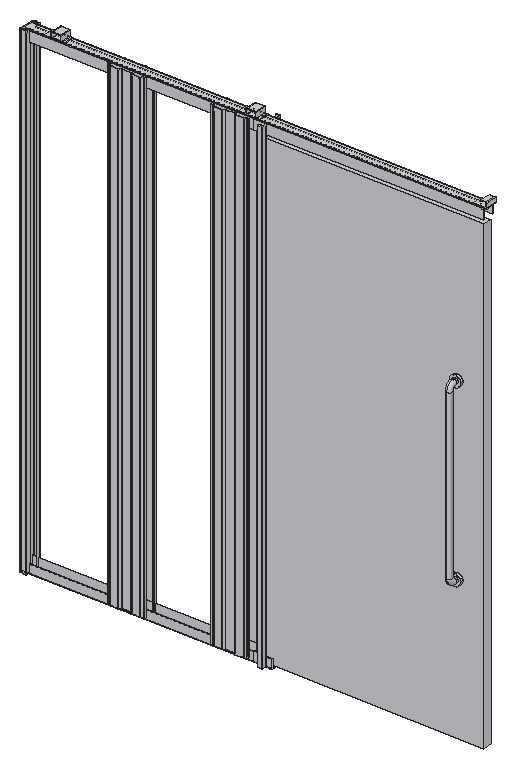
Revit family "BOS-LineaSet_Familie", category Türen, Revit 2017
Family settings
  Basisbauteil = Wand
  Immer vertikal = Ja
  Beim Laden mit Abzugskörper schneiden = Nein
  Gemeinsam genutzt = Nein
  Raumberechnungspunkt = Ja
Parameters (values of type "LineaSet mit ALU 80 BOS Holz")
  Theoretisches Rohbaumaß Höhe   Theoretical Wall Opening Height Measurement [instance] = AMH Außenmaß_Höhe   Overall Height Measurement  # 2215 mm
  Theoretisches Rohbaumaß Breite   Theoretical Wall Opening Width Measurement [instance] = AMB Außenmaß_Breite   Overall Width Measurement  # 2084.5 mm
  Stoßgriffdurchmesser [instance] = 24 mm  # constant formula
  Türblatteinstand vorne = 9 mm  # constant formula
  Türblatteinstand hinten = 40 mm  # constant formula
  Türblatt geöffnet in ...% LDB [instance] = ((LDB effektiv Lichte Durchgangs Breite effektiv * Türblatt geöffnet in ...% LDB effektiv) * 100 mm / 100 mm) / LDB Lichte Durchgangs Breite  # 0
  Türblatt geöffnet in ...% LDB effektiv  Doorleaf opened in ...% Real Clearance Width [instance] = 0
  Türgriffabstand   Door handle offset [instance] = 120 mm
  Türgriff - Auswahl [instance] = if(Stoßgriffe, "Stoßgriffe", "Muschelgriffe")  # "Stoßgriffe"
  Türgriffabstand min. [instance] = 99 mm  # constant formula
  Türgriffabstand max. [instance] = 150 mm  # constant formula
  Türblatt geöffnet in ...% LDB effektiv [instance] = if(Türblatt geöffnet in ...% LDB effektiv  Doorleaf opened in ...% Real Clearance Width < 0, 0, if(Türblatt geöffnet in ...% LDB effektiv  Doorleaf opened in ...% Real Clearance Width > 100, 100, Türblatt geöffnet in ...% LDB effektiv  Doorleaf opened in ...% Real Clearance Width))  # 0
  TRB rechts [instance] = (LDB Lichte Durchgangs Breite / 2) + Einfügepunkt  # 493 mm
  TRB links [instance] = Theoretisches Rohbaumaß Breite   Theoretical Wall Opening Width Measurement - (LDB Lichte Durchgangs Breite / 2) - Einfügepunkt  # 1591.5 mm
  Material - Bürstendichtung = none
  Material - Anschraubprofil = none
  Laufkastenabstand rechts [instance] = 12.5 mm  # constant formula
  Laufkastenabstand links [instance] = 1.5 mm  # constant formula
  LDH effektiv Lichte Durchgangs Höhe effektiv [instance] = if(Auswahl LDH effektiv Lichte Durchgangs Höhe effektiv   Real Clearance Height Choice < 2, 1985 mm, 2110 mm)  # 2110 mm
  LDH Lichte Durchgangs Höhe [instance] = LDH effektiv Lichte Durchgangs Höhe effektiv + 30 mm  # 2140 mm
  LDB effektiv Lichte Durchgangs Breite effektiv [instance] = LDB Lichte Durchgangs Breite - if(Stoßgriffe, [Türblatteinstand (Griff)], 0 mm)  # 754 mm
  LDB Lichte Durchgangs Breite [instance] = if(Auswahl LDB Lichte Durchgangs Breite   Clearance Width Choice < 2, 561 mm, if(Auswahl LDB Lichte Durchgangs Breite   Clearance Width Choice = 2, 686 mm, if(Auswahl LDB Lichte Durchgangs Breite   Clearance Width Choice = 3, 811 mm, if(Auswahl LDB Lichte Durchgangs Breite   Clearance Width Choice = 4, 936 mm, 1061 mm))))  # 936 mm
  Klemmschutzabstand [instance] = 50 mm  # constant formula
  Material - Türblatt = none
  Einlaufkastenprofil 2 [instance] = 5 mm + if(LDB Lichte Durchgangs Breite < 686 mm, 182.9 mm, if(LDB Lichte Durchgangs Breite < 811 mm, 566.5 mm, if(LDB Lichte Durchgangs Breite < 936 mm, 616.5 mm, if(LDB Lichte Durchgangs Breite < 1061 mm, 648.5 mm, 738.5 mm))))  # 653.5 mm
  Einlaufkastenprofil 1 = 5 mm + 182.9 mm  # 187.9 mm
  Einfügepunkt = 25 mm  # constant formula
  DIN Richtung [instance] = "DIN neutral"  # constant formula
  Bürstendichtungslänge [instance] = LDH Lichte Durchgangs Höhe - 2 mm  # 2138 mm
  Bürstendichtung = Glastürblatt  # no
  Beplankungsstärke [instance] = (MW Maulweite   Receiving Opening - 75 mm) / 2  # 37.5 mm
  Anschraubprofil sichtbar [instance] = no
  ALU 100 BOS = or(LineaSet mit ALU 100 BOS Holz, LineaSet mit ALU 100 BOS Glas)  # no
  ALU 80 BOS = or(LineaSet mit ALU 80 BOS Holz, LineaSet mit ALU 80 BOS Glas)  # yes
  Zargenblechstärke = 1.5 mm  # constant formula
  Türblatteinstand (Griff) [instance] = if(Muschelgriffe, 0 mm, Türgriffabstand + Klemmschutzabstand + Stoßgriffdurchmesser / 2)  # 182 mm
  Türgriffabstand [instance] = if(Türgriffabstand   Door handle offset < Türgriffabstand min., Türgriffabstand min., if(Türgriffabstand   Door handle offset > Türgriffabstand max., Türgriffabstand max., Türgriffabstand   Door handle offset))  # 120 mm
  Türblattreferenz [instance] = LDB Lichte Durchgangs Breite + Türblatteinstand vorne - (Türblatt geöffnet in ...% LDB effektiv  Doorleaf opened in ...% Real Clearance Width * (LDB effektiv Lichte Durchgangs Breite effektiv + Türblatteinstand vorne) / 100)  # 945 mm
  Türblattabstand unten [instance] = 10 mm  # constant formula
  TAH Türblatt_Außenmaß_Höhe   Door Leaf Overall Height Measurement [instance] = LDH effektiv Lichte Durchgangs Höhe effektiv  # 2110 mm
  TAH Türblatt Außenmaß Höhe [instance] = TAH Türblatt_Außenmaß_Höhe   Door Leaf Overall Height Measurement  # 2110 mm
  TAB Türblatt_Außenmaß_Breite   Door Leaf Overall Width Measurement [instance] = LDB Lichte Durchgangs Breite + 49 mm  # 985 mm
  TAB Türblatt Außenmaß Breite [instance] = TAB Türblatt_Außenmaß_Breite   Door Leaf Overall Width Measurement  # 985 mm
  LineaSet mit ALU 80 BOS Holz = yes
  Stoßgrifflänge [instance] = 800 mm  # constant formula
  Stoßgriffe [instance] = yes
  LineaSet mit ALU 80 BOS Glas = no
  LineaSet mit ALU 100 BOS Holz = no
  Wandstärke   Wall Thickness [instance] = 150 mm
  Muschelgriffe [instance] = not(Stoßgriffe)  # no
  Material - Türgriff = none
  Material - Laufschiene = none
  Material - Führungszapfen = none
  Holztürblattstärke = 40 mm  # constant formula
  Holztürblatt = or(LineaSet mit ALU 80 BOS Holz, LineaSet mit ALU 100 BOS Holz)  # yes
  Glastürblattstärke = 8 mm  # constant formula
  Glastürblatt = or(LineaSet mit ALU 80 BOS Glas, LineaSet mit ALU 100 BOS Glas)  # no
  URL = "www.BestOfSteel.de/stahlzargen/zargen-fuer-schiebetueren/lineaset/"
  Türblattstärke [instance] = if(Holztürblatt, Holztürblattstärke, Glastürblattstärke)  # 40 mm
  Rough Height = 0 mm  # constant formula
  Rough Width = 0 mm  # constant formula
  Rechtliche Hinweise [instance] = "www.BestOfSteel.de/tools-downloads/bim-building-information-modeling/"
  LineaSet mit ALU 100 BOS Glas = no
  Modell = "LineaSet mit ALU 80 BOS Holz"
  Material - Zarge = none
  Material = "grundiert, feuerverzinktes Feinblech nach DIN EN 10143"
  MW min. = 125 mm  # constant formula
  MW max. = 150 mm  # constant formula
  MW Maulweite   Receiving Opening [instance] = if(Wandstärke   Wall Thickness < MW max., MW min., MW max.)  # 150 mm
  Information in English = no
  Info-Texte sichtbar = yes
  Height [instance] = Theoretisches Rohbaumaß Höhe   Theoretical Wall Opening Height Measurement  # 2215 mm
  Hersteller = "BOS GmbH Best Of Steel, Lütkenfelde 4, D-48282 Emsdetten"
  MW Fehler [instance] = not(or(Wandstärke   Wall Thickness = MW min., Wandstärke   Wall Thickness = MW max.))  # no
  Funktion = Innen
  Dicke = 0 mm  # constant formula
  Width = 0 mm  # constant formula
  Beschreibung = "Schiebetürzarge LineaSet, zerlegt, rahmenlos für in der Wand laufende Schiebetüren"
  Bauelement = "BOS Stahlzarge"
  BOS-Architekten-Beratung = "Tel.: +49 (0) 2572 203-203; E-Mail: architekten@BestOfSteel.de"
  BE Bodeneinstand   Foundation Bedding [instance] = 0 mm  # constant formula
  BE Bodeneinstand [instance] = if(BE Bodeneinstand   Foundation Bedding < 0 mm, 0 mm, if(BE Bodeneinstand   Foundation Bedding > BE max., BE max., BE Bodeneinstand   Foundation Bedding))  # 0 mm
  BE max. = 100 mm  # constant formula
  Auswahl LDH effektiv Lichte Durchgangs Höhe effektiv   Real Clearance Height Choice [instance] = 2
  Auswahl LDB Lichte Durchgangs Breite   Clearance Width Choice [instance] = 4
  Technische Infos rund um die Stahlzarge = "www.BestOfSteel.de/tools-downloads/technische-infos-rund-um-die-stahlzarge/"
  AMH Außenmaß_Höhe   Overall Height Measurement [instance] = LDH effektiv Lichte Durchgangs Höhe effektiv + 105 mm  # 2215 mm
  AMB Außenmaß_Breite   Overall Width Measurement [instance] = (2 * LDB Lichte Durchgangs Breite) + 212.5 mm  # 2084.5 mm
Reference planes
  plane 1 "Wand": y = 0
  plane 2 "Mitte (Links/rechts)": x = 125
  plane 3 "Hinten": y = 75
  plane 4 "Vorne": y = -75
  plane 5 "RRB links": x = -1466.5
  plane 6 "TRB rechts": x = 618
  plane 7 "TRH oben": z = 2215
  plane 8 "BE": z = 0
  plane 9 "LDH effektiv oben": z = 2110
  plane 10 "BE max.": z = -100
  plane 11 "LDB links": x = -343
  plane 12 "LDB rechts": x = 593
  plane 13 "Einlaufkastenprofil 1": x = -530.9
  plane 14 "Einlaufkastenprofil 2": x = -996.5
  plane 15 "LDH + 47": z = 2187
  plane 16 "LDH oben": z = 2140
Forms (mm)
  Sweep 1, solid, material <- "Material - Zarge", detail levels fine
    path origin (0, 0, 0) x (1, 0, 0) y (0, 0, 1)
      loop
        line (-1466.5, 0) -> (-1466.5, 2187)
    profile "BOS-Ständerprofil-LineaSet-(One)_Profil : BOS-Ständerprofil-LineaSet-(One)_Profil" origin (-1466.5, 0, 1093.5) x (-1, 0, 0) y (0, -1, 0)
      loop
        line (-30, 22) -> (-28.5, 22) -> (-28.5, 35)
        arc (-28.5, 35) -> (-28.207, 35.707) -> (-27.5, 36) r 1
        line (-27.5, 36) -> (-2.5, 36)
        arc (-2.5, 36) -> (-1.793, 35.707) -> (-1.5, 35) r 1
        line (-1.5, 35) -> (-1.5, -35)
        arc (-1.5, -35) -> (-1.793, -35.707) -> (-2.5, -36) r 1
        line (-2.5, -36) -> (-27.5, -36)
        arc (-27.5, -36) -> (-28.207, -35.707) -> (-28.5, -35) r 1
        line (-28.5, -35) -> (-28.5, -22) -> (-30, -22) -> (-30, -35)
        arc (-30, -35) -> (-29.268, -36.768) -> (-27.5, -37.5) r 2.5
        line (-27.5, -37.5) -> (-2.5, -37.5)
        arc (-2.5, -37.5) -> (-0.732, -36.768) -> (0, -35) r 2.5
        line (0, -35) -> (0, 35)
        arc (0, 35) -> (-0.732, 36.768) -> (-2.5, 37.5) r 2.5
        line (-2.5, 37.5) -> (-27.5, 37.5)
        arc (-27.5, 37.5) -> (-29.268, 36.768) -> (-30, 35) r 2.5
        line (-30, 35) -> (-30, 22)
  Sweep 2, solid, material <- "Material - Zarge", detail levels fine
    path origin (0, 0, 0) x (1, 0, 0) y (0, 0, 1)
      loop
        line (-343, 2) -> (-343, 2184)
    profile "BOS-Seitenteil-LineaSet-(One)_Profil : BOS-Seitenteil-LineaSet-(One)_Profil" origin (-343, 0, 1093) x (-1, 0, 0) y (0, -1, 0)
      loop
        line (27.5, -50) -> (45, -50) -> (45, -48.5) -> (27.5, -48.5)
        arc (27.5, -48.5) -> (26.793, -48.207) -> (26.5, -47.5) r 1
        line (26.5, -47.5) -> (26.5, -29.5)
        arc (26.5, -29.5) -> (26.793, -28.793) -> (27.5, -28.5) r 1
        line (27.5, -28.5) -> (81.5, -28.5) -> (81.5, -27) -> (27.5, -27)
        arc (27.5, -27) -> (25.732, -27.732) -> (25, -29.5) r 2.5
        line (25, -29.5) -> (25, -47.5)
        arc (25, -47.5) -> (25.732, -49.268) -> (27.5, -50) r 2.5
      loop
        arc (27.5, 50) -> (25.732, 49.268) -> (25, 47.5) r 2.5
        line (25, 47.5) -> (25, 29.5)
        arc (25, 29.5) -> (25.732, 27.732) -> (27.5, 27) r 2.5
        line (27.5, 27) -> (81.5, 27) -> (81.5, 28.5) -> (27.5, 28.5)
        arc (27.5, 28.5) -> (26.793, 28.793) -> (26.5, 29.5) r 1
        line (26.5, 29.5) -> (26.5, 47.5)
        arc (26.5, 47.5) -> (26.793, 48.207) -> (27.5, 48.5) r 1
        line (27.5, 48.5) -> (45, 48.5) -> (45, 50) -> (27.5, 50)
  Sweep 3, void
    path origin (0, 0, 0) x (1, 0, 0) y (0, 0, 1)
      loop
        line (-343, 46) -> (-343, 2140)
    profile origin (-343, 0, 1093) x (-1, 0, 0) y (0, -1, 0)
      loop
        line (81.5, -28.5) -> (81.5, 28.5) -> (35, 28.5) -> (35, -28.5) -> (81.5, -28.5)
  Sweep 4, solid, material <- "Material - Zarge", detail levels fine
    path origin (0, 0, 0) x (1, 0, 0) y (0, 0, 1)
      loop
        line (-530.9, 8) -> (-530.9, 2178)
    profile "BOS-Einlaufkastenprofil-LineaSet-(One)_Profil : BOS-Einlaufkastenprofil-LineaSet-(One)_Profil" origin (-530.9, 0, 1093) x (-1, 0, 0) y (0, -1, 0)
      loop
        arc (-67.482, -36) -> (-68.732, -35.665) -> (-69.648, -34.75) r 2.5
        line (-69.648, -34.75) -> (-72.967, -29)
        arc (-72.967, -29) -> (-74.431, -27.536) -> (-76.431, -27) r 4
        line (-76.431, -27) -> (-85, -27) -> (-85, -28.5) -> (-76.431, -28.5)
        arc (-76.431, -28.5) -> (-75.181, -28.835) -> (-74.266, -29.75) r 2.5
        line (-74.266, -29.75) -> (-70.947, -35.5)
        arc (-70.947, -35.5) -> (-69.482, -36.964) -> (-67.482, -37.5) r 4
        line (-67.482, -37.5) -> (-30.518, -37.5)
        arc (-30.518, -37.5) -> (-28.518, -36.964) -> (-27.053, -35.5) r 4
        line (-27.053, -35.5) -> (-23.734, -29.75)
        arc (-23.734, -29.75) -> (-22.819, -28.835) -> (-21.569, -28.5) r 2.5
        line (-21.569, -28.5) -> (21.569, -28.5)
        arc (21.569, -28.5) -> (22.819, -28.835) -> (23.734, -29.75) r 2.5
        line (23.734, -29.75) -> (27.053, -35.5)
        arc (27.053, -35.5) -> (28.518, -36.964) -> (30.518, -37.5) r 4
        line (30.518, -37.5) -> (67.482, -37.5)
        arc (67.482, -37.5) -> (69.482, -36.964) -> (70.947, -35.5) r 4
        line (70.947, -35.5) -> (74.266, -29.75)
        arc (74.266, -29.75) -> (75.181, -28.835) -> (76.431, -28.5) r 2.5
        line (76.431, -28.5) -> (85, -28.5) -> (85, -27) -> (76.431, -27)
        arc (76.431, -27) -> (74.431, -27.536) -> (72.967, -29) r 4
        line (72.967, -29) -> (69.648, -34.75)
        arc (69.648, -34.75) -> (68.732, -35.665) -> (67.482, -36) r 2.5
        line (67.482, -36) -> (30.518, -36)
        arc (30.518, -36) -> (29.268, -35.665) -> (28.352, -34.75) r 2.5
        line (28.352, -34.75) -> (25.033, -29)
        arc (25.033, -29) -> (23.569, -27.536) -> (21.569, -27) r 4
        line (21.569, -27) -> (-21.569, -27)
        arc (-21.569, -27) -> (-23.569, -27.536) -> (-25.033, -29) r 4
        line (-25.033, -29) -> (-28.352, -34.75)
        arc (-28.352, -34.75) -> (-29.268, -35.665) -> (-30.518, -36) r 2.5
        line (-30.518, -36) -> (-67.482, -36)
      loop
        line (-67.482, 36) -> (-30.518, 36)
        arc (-30.518, 36) -> (-29.268, 35.665) -> (-28.352, 34.75) r 2.5
        line (-28.352, 34.75) -> (-25.033, 29)
        arc (-25.033, 29) -> (-23.569, 27.536) -> (-21.569, 27) r 4
        line (-21.569, 27) -> (21.569, 27)
        arc (21.569, 27) -> (23.569, 27.536) -> (25.033, 29) r 4
        line (25.033, 29) -> (28.352, 34.75)
        arc (28.352, 34.75) -> (29.268, 35.665) -> (30.518, 36) r 2.5
        line (30.518, 36) -> (67.482, 36)
        arc (67.482, 36) -> (68.732, 35.665) -> (69.648, 34.75) r 2.5
        line (69.648, 34.75) -> (72.967, 29)
        arc (72.967, 29) -> (74.431, 27.536) -> (76.431, 27) r 4
        line (76.431, 27) -> (85, 27) -> (85, 28.5) -> (76.431, 28.5)
        arc (76.431, 28.5) -> (75.181, 28.835) -> (74.266, 29.75) r 2.5
        line (74.266, 29.75) -> (70.947, 35.5)
        arc (70.947, 35.5) -> (69.482, 36.964) -> (67.482, 37.5) r 4
        line (67.482, 37.5) -> (30.518, 37.5)
        arc (30.518, 37.5) -> (28.518, 36.964) -> (27.053, 35.5) r 4
        line (27.053, 35.5) -> (23.734, 29.75)
        arc (23.734, 29.75) -> (22.819, 28.835) -> (21.569, 28.5) r 2.5
        line (21.569, 28.5) -> (-21.569, 28.5)
        arc (-21.569, 28.5) -> (-22.819, 28.835) -> (-23.734, 29.75) r 2.5
        line (-23.734, 29.75) -> (-27.053, 35.5)
        arc (-27.053, 35.5) -> (-28.518, 36.964) -> (-30.518, 37.5) r 4
        line (-30.518, 37.5) -> (-67.482, 37.5)
        arc (-67.482, 37.5) -> (-69.482, 36.964) -> (-70.947, 35.5) r 4
        line (-70.947, 35.5) -> (-74.266, 29.75)
        arc (-74.266, 29.75) -> (-75.181, 28.835) -> (-76.431, 28.5) r 2.5
        line (-76.431, 28.5) -> (-85, 28.5) -> (-85, 27) -> (-76.431, 27)
        arc (-76.431, 27) -> (-74.431, 27.536) -> (-72.967, 29) r 4
        line (-72.967, 29) -> (-69.648, 34.75)
        arc (-69.648, 34.75) -> (-68.732, 35.665) -> (-67.482, 36) r 2.5
  Sweep 5, solid, material <- "Material - Zarge", detail levels fine
    path origin (0, 0, 0) x (1, 0, 0) y (0, 0, 1)
      loop
        line (-996.5, 8) -> (-996.5, 2178)
    profile "BOS-Einlaufkastenprofil-LineaSet-(One)_Profil : BOS-Einlaufkastenprofil-LineaSet-(One)_Profil" origin (-996.5, 0, 1093) x (-1, 0, 0) y (0, -1, 0)
      loop
        arc (-67.482, -36) -> (-68.732, -35.665) -> (-69.648, -34.75) r 2.5
        line (-69.648, -34.75) -> (-72.967, -29)
        arc (-72.967, -29) -> (-74.431, -27.536) -> (-76.431, -27) r 4
        line (-76.431, -27) -> (-85, -27) -> (-85, -28.5) -> (-76.431, -28.5)
        arc (-76.431, -28.5) -> (-75.181, -28.835) -> (-74.266, -29.75) r 2.5
        line (-74.266, -29.75) -> (-70.947, -35.5)
        arc (-70.947, -35.5) -> (-69.482, -36.964) -> (-67.482, -37.5) r 4
        line (-67.482, -37.5) -> (-30.518, -37.5)
        arc (-30.518, -37.5) -> (-28.518, -36.964) -> (-27.053, -35.5) r 4
        line (-27.053, -35.5) -> (-23.734, -29.75)
        arc (-23.734, -29.75) -> (-22.819, -28.835) -> (-21.569, -28.5) r 2.5
        line (-21.569, -28.5) -> (21.569, -28.5)
        arc (21.569, -28.5) -> (22.819, -28.835) -> (23.734, -29.75) r 2.5
        line (23.734, -29.75) -> (27.053, -35.5)
        arc (27.053, -35.5) -> (28.518, -36.964) -> (30.518, -37.5) r 4
        line (30.518, -37.5) -> (67.482, -37.5)
        arc (67.482, -37.5) -> (69.482, -36.964) -> (70.947, -35.5) r 4
        line (70.947, -35.5) -> (74.266, -29.75)
        arc (74.266, -29.75) -> (75.181, -28.835) -> (76.431, -28.5) r 2.5
        line (76.431, -28.5) -> (85, -28.5) -> (85, -27) -> (76.431, -27)
        arc (76.431, -27) -> (74.431, -27.536) -> (72.967, -29) r 4
        line (72.967, -29) -> (69.648, -34.75)
        arc (69.648, -34.75) -> (68.732, -35.665) -> (67.482, -36) r 2.5
        line (67.482, -36) -> (30.518, -36)
        arc (30.518, -36) -> (29.268, -35.665) -> (28.352, -34.75) r 2.5
        line (28.352, -34.75) -> (25.033, -29)
        arc (25.033, -29) -> (23.569, -27.536) -> (21.569, -27) r 4
        line (21.569, -27) -> (-21.569, -27)
        arc (-21.569, -27) -> (-23.569, -27.536) -> (-25.033, -29) r 4
        line (-25.033, -29) -> (-28.352, -34.75)
        arc (-28.352, -34.75) -> (-29.268, -35.665) -> (-30.518, -36) r 2.5
        line (-30.518, -36) -> (-67.482, -36)
      loop
        line (-67.482, 36) -> (-30.518, 36)
        arc (-30.518, 36) -> (-29.268, 35.665) -> (-28.352, 34.75) r 2.5
        line (-28.352, 34.75) -> (-25.033, 29)
        arc (-25.033, 29) -> (-23.569, 27.536) -> (-21.569, 27) r 4
        line (-21.569, 27) -> (21.569, 27)
        arc (21.569, 27) -> (23.569, 27.536) -> (25.033, 29) r 4
        line (25.033, 29) -> (28.352, 34.75)
        arc (28.352, 34.75) -> (29.268, 35.665) -> (30.518, 36) r 2.5
        line (30.518, 36) -> (67.482, 36)
        arc (67.482, 36) -> (68.732, 35.665) -> (69.648, 34.75) r 2.5
        line (69.648, 34.75) -> (72.967, 29)
        arc (72.967, 29) -> (74.431, 27.536) -> (76.431, 27) r 4
        line (76.431, 27) -> (85, 27) -> (85, 28.5) -> (76.431, 28.5)
        arc (76.431, 28.5) -> (75.181, 28.835) -> (74.266, 29.75) r 2.5
        line (74.266, 29.75) -> (70.947, 35.5)
        arc (70.947, 35.5) -> (69.482, 36.964) -> (67.482, 37.5) r 4
        line (67.482, 37.5) -> (30.518, 37.5)
        arc (30.518, 37.5) -> (28.518, 36.964) -> (27.053, 35.5) r 4
        line (27.053, 35.5) -> (23.734, 29.75)
        arc (23.734, 29.75) -> (22.819, 28.835) -> (21.569, 28.5) r 2.5
        line (21.569, 28.5) -> (-21.569, 28.5)
        arc (-21.569, 28.5) -> (-22.819, 28.835) -> (-23.734, 29.75) r 2.5
        line (-23.734, 29.75) -> (-27.053, 35.5)
        arc (-27.053, 35.5) -> (-28.518, 36.964) -> (-30.518, 37.5) r 4
        line (-30.518, 37.5) -> (-67.482, 37.5)
        arc (-67.482, 37.5) -> (-69.482, 36.964) -> (-70.947, 35.5) r 4
        line (-70.947, 35.5) -> (-74.266, 29.75)
        arc (-74.266, 29.75) -> (-75.181, 28.835) -> (-76.431, 28.5) r 2.5
        line (-76.431, 28.5) -> (-85, 28.5) -> (-85, 27) -> (-76.431, 27)
        arc (-76.431, 27) -> (-74.431, 27.536) -> (-72.967, 29) r 4
        line (-72.967, 29) -> (-69.648, 34.75)
        arc (-69.648, 34.75) -> (-68.732, 35.665) -> (-67.482, 36) r 2.5
  Sweep 6, void
    path origin (0, 0, 0) x (1, 0, 0) y (0, 0, 1)
      loop
        line (125, 0) -> (125, 2110)
    profile "BOS-AK-LineaSet-(One)_Profil : BOS-AK-LineaSet-(One)_Profil" origin (125, 0, 1055) x (-1, 0, 0) y (0, -1, 0)
      loop
        line (1591.5, -37.5) -> (1591.5, 37.5) -> (513, 37.5) -> (513, 50) -> (493, 50) -> (493, 27) -> (468, 27) -> (468, 75) -> (-468, 75) -> (-468, 27) -> (-480.5, 27) -> (-480.5, -27) -> (-468, -27) -> (-468, -75) -> (468, -75) -> (468, -27) -> (493, -27) -> (493, -50) -> (513, -50) -> (513, -37.5) -> (1591.5, -37.5)
  Sweep 7, void
    path origin (0, 0, 2110) x (-1, 0, 0) y (0, -1, 0)
      loop
        line (1466.5, 0) -> (-618, 0)
    profile "BOS-AK-Laufkasten-LineaSet-(One)_Profil : BOS-AK-Laufkasten-LineaSet-(One)_Profil" origin (-424.25, 0, 2110) x (0, 1, 0) y (0, 0, 1)
      loop
        line (-37.5, 105) -> (-37.5, 30) -> (-27, 30) -> (-27, 0) -> (27, 0) -> (27, 30) -> (37.5, 30) -> (37.5, 105) -> (-37.5, 105)
  Sweep 8, solid, material <- "Material - Bürstendichtung", visible <- "Bürstendichtung", detail levels fine
    path origin (0, 0, 0) x (1, 0, 0) y (0, 0, 1)
      loop
        line (-343, 46) -> (-343, 2110)
    profile "BOS-Bürstendichtung_Profil : BOS-Bürstendichtung_Profil" origin (-343, 0, 1078) x (-1, 0, 0) y (0, -1, 0)
      loop
        line (26.6, 31.75) -> (26.6, 29.25) -> (36.1, 29.25) -> (36.1, 26.25) -> (26.6, 26.25) -> (26.6, 23.75) -> (40.065, 23.75) -> (35.041, 5) -> (45.647, 5) -> (40.623, 23.75) -> (44.6, 23.75) -> (44.6, 31.75) -> (26.6, 31.75)
      loop
        line (26.6, -31.75) -> (44.6, -31.75) -> (44.6, -23.75) -> (40.623, -23.75) -> (45.647, -5) -> (35.041, -5) -> (40.065, -23.75) -> (26.6, -23.75) -> (26.6, -26.25) -> (36.1, -26.25) -> (36.1, -29.25) -> (26.6, -29.25) -> (26.6, -31.75)
Cuts and joins
  Sweep 3 cuts Sweep 2
Lines and regions (mm)
  reference lines
    curve 1: line (65, 625, 0) -> (185, 625, 0)
    curve 2: line (65, -625, 0) -> (185, -625, 0)
    curve 3: line (1118, 75, 0) -> (1118, -75, 0)
Text (mm)
  text "Außen     " at (-1696.17, 830.944, 0), in view "Ref.-Ebene"
  text "Außen" at (0, 1409.804, 2854.306), in view "Links"
  text "Placement side" at (0, 499.811, 2980.732), in view "Rechts"
Dimensions and locks
  locked: plane 3 "Hinten" to host wall
  locked: host wall to plane 4 "Vorne" at 0
  level to plane 7 "TRH oben" = 2215 mm
  "BE Bodeneinstand": plane 8 "BE" to level
  "Wandstärke   Wall Thickness": host wall to host wall
  "Theoretisches Rohbaumaß Höhe   Theoretical Wall Opening Height Measurement": plane 7 "TRH oben" to level
  curve 2 to plane 4 "Vorne" to plane 3 "Hinten" to curve 1 = 550 mm, 150 mm, 550 mm
  "BE max.": level to plane 10 "BE max."
  equal spacing: plane 11 "LDB links", plane 2 "Mitte (Links/rechts)", plane 12 "LDB rechts"
  "LDB Lichte Durchgangs Breite": plane 11 "LDB links" to plane 12 "LDB rechts"
  plane 6 "TRB rechts" to curve 3 = 500 mm
  "LDH effektiv Lichte Durchgangs Höhe effektiv": plane 9 "LDH effektiv oben" to level
  "TRB links": plane 2 "Mitte (Links/rechts)" to plane 5 "RRB links"
  "TRB rechts": plane 6 "TRB rechts" to plane 2 "Mitte (Links/rechts)"
  Sweep 3 sketch curve to Sweep 3 sketch curve = 46.5 mm
  plane 7 "TRH oben" to Sweep 2 sketch curve = 31 mm
  Sweep 2 sketch curve to level = 2 mm
  Sweep 3 sketch curve to cut or joined group of Sweep 2, Sweep 3 = 44 mm
  cut or joined group of Sweep 2, Sweep 3 to Sweep 3 sketch curve = 44 mm
  Sweep 4 sketch curve to level = 8 mm
  Sweep 4 sketch curve to plane 15 "LDH + 47" = 9 mm
  level to Sweep 5 sketch curve = 8 mm
  Sweep 5 sketch curve to plane 15 "LDH + 47" = 9 mm
  "Einlaufkastenprofil 2": plane 11 "LDB links" to plane 14 "Einlaufkastenprofil 2"
  "Einlaufkastenprofil 1": plane 11 "LDB links" to plane 13 "Einlaufkastenprofil 1"
  plane 15 "LDH + 47" to plane 16 "LDH oben" = 47 mm
  "LDH Lichte Durchgangs Höhe": plane 16 "LDH oben" to level
  aligned and locked: host wall to plane 1 "Wand"
  aligned and locked: plane 5 "RRB links" to nested 3
  aligned and locked: plane 1 "Wand" to nested 3
  aligned and locked: nested 4 to plane 1 "Wand"
  aligned and locked: plane 5 "RRB links" to Sweep 1 sketch curve
  aligned and locked: level to Sweep 1 sketch curve
  aligned and locked: nested 3 to nested 5  (x2)
  aligned and locked: plane 11 "LDB links" to Sweep 2 sketch curve
  aligned and locked: Sweep 3 sketch curve to Sweep 2  (x3)
  aligned and locked: nested 5 to nested 3
  aligned and locked: plane 13 "Einlaufkastenprofil 1" to Sweep 4 sketch curve
  aligned and locked: plane 14 "Einlaufkastenprofil 2" to Sweep 5 sketch curve
  aligned and locked: plane 2 "Mitte (Links/rechts)" to Sweep 6 sketch curve
  aligned and locked: level to Sweep 6 sketch curve
  aligned and locked: plane 9 "LDH effektiv oben" to Sweep 6 sketch curve
  aligned and locked: plane 5 "RRB links" to Sweep 7 sketch curve
  aligned and locked: plane 6 "TRB rechts" to Sweep 7 sketch curve
  aligned and locked: plane 1 "Wand" to Sweep 7 sketch curve
  aligned and locked: plane 1 "Wand" to nested 1
  aligned and locked: plane 6 "TRB rechts" to nested 1
  aligned and locked: nested 2 to cut or joined group of Sweep 2, Sweep 3  (x2)
  aligned and locked: curve 2 to nested 7
  aligned and locked: nested 7 to plane 2 "Mitte (Links/rechts)"
  aligned and locked: curve 1 to nested 8
  aligned and locked: plane 2 "Mitte (Links/rechts)" to nested 8
  aligned and locked: nested 6 to curve 3
  aligned and locked: plane 1 "Wand" to nested 6
  aligned and locked: plane 11 "LDB links" to Sweep 8 sketch curve
  aligned and locked: Sweep 8 sketch curve to cut or joined group of Sweep 2, Sweep 3
  aligned and locked: plane 9 "LDH effektiv oben" to Sweep 8 sketch curve
  aligned and locked: plane 2 "Mitte (Links/rechts)" to nested 9
  aligned and locked: nested 9 to plane 4 "Vorne"
  aligned and locked: nested 4 to plane 16 "LDH oben"
  aligned and locked: plane 11 "LDB links" to nested 10
  aligned and locked: nested 10 to nested 4
Automatic sketch dimensions
  host wall to curve 3 = 0 mm
  curve 3 to host wall = 0 mm
  plane 2 "Mitte (Links/rechts)" to curve 1 = 60 mm
  plane 2 "Mitte (Links/rechts)" to curve 2 = 60 mm
  curve 1 to plane 2 "Mitte (Links/rechts)" = 60 mm
  curve 2 to plane 2 "Mitte (Links/rechts)" = 60 mm
  Sweep 1 sketch curve to plane 7 "TRH oben" = 28 mm
  Sweep 3 sketch curve to plane 11 "LDB links" = 0 mm
Nested families
  nested 1: "BOS-BOS_Modell" at (618, 1.129, 1050), type "BOS-BOS_Modell", not visible
    with Abstand 12.5 mm
  nested 2: "BOS-Logo_Modell" at (-376.5, 40.201, 0), type "BOS-Logo_Modell", detail levels fine
  nested 3: "BOS-Bodenprofil-LineaSet-(One)_Modell" at (-220.311, -31.643, 0), type "BOS-Bodenprofil-LineaSet-(One)_Modell", detail levels fine
  nested 4: "BOS-Laufkasten-LineaSet-(One)_Modell" at (-231.516, -100, 2140), type "BOS-Laufkasten-LineaSet-(One)_Modell", detail levels fine
    with Laufschienenlänge 2015.5 mm, Laufkastenlänge 2070.5 mm, Laufkastenabstand rechts 12.5 mm, Anschraubprofil no
  nested 5: "BOS-Führungszapfen-Holz-Glas_Model" at (-859.666, 116.677, 1.5), type "BOS-Führungszapfen-Holz-Glas_Model", detail levels fine
  nested 6: "BOS-Info-Texte_Beschriftung" at (1118, -0.955, 0), visible <- "MW Fehler", type "Maulweite Fehlermeldung"
  nested 7: "BOS-Info-Texte_Beschriftung" at (125, -625.955, 0), visible <- "Info-Texte sichtbar", type "Rechtliche Hinweise"
  nested 8: "BOS-Info-Texte_Beschriftung" at (125, 624.045, 0), visible <- "Info-Texte sichtbar", type "Technische Hinweise Norm"
  nested 9: "BOS-Beplankung-LineaSet-(One)_Detail" at (97.5, -75, 0), type "BOS-Beplankung-LineaSet-(One)_Detail", detail levels fine
    with Zweifache Beplankung no, MW Maulweite 150 mm, Dreifache Beplankung yes, Abstand 0 mm
  nested 10: "BOS-Türblatt-Schiebetürzargen_Modell" at (-414, -109, 0), type "BOS-Türblatt-Schiebetürzargen_Modell", detail levels medium+fine
Definition of nested family "BOS-Bodenprofil-LineaSet-(One)_Modell"
  Parameters (values of type "BOS-Bodenprofil-LineaSet-(One)_Modell")
    URL = "www.BestOfSteel.de"
    Rechtliche Hinweise = "www.BestOfSteel.de/tools-downloads/bim-building-information-modeling/"
    Material - Zarge = none
    LDB Lichte Durchgangs Breite = 936 mm
    Manufacturer = "BOS GmbH Best Of Steel, Lütkenfelde 4, D-48282 Emsdetten"
    Einfügepunkt = 25 mm
    Description = "Bodenprofil für LineaSet (One)"
    Keynote = "BOS Modell"
    BOS-Architekten-Beratung = "Tel.: +49 (0) 2572 203-203; E-Mail: architekten@BestOfSteel.de"
    Technische Infos rund um die Stahlzarge = "www.BestOfSteel.de/tools-downloads/technische-infos-rund-um-die-stahlzarge/"
    Bodenprofillänge = LDB Lichte Durchgangs Breite + 212.5 mm - Abstand links - Einfügepunkt  # 1122 mm
    Abstand links = 1.5 mm
  Reference planes
    plane 1: y = 31.643
    plane 2: z = 0
    plane 3: x = -1246.189
    plane 4: x = -1244.689
    plane 5: x = -122.689
  Forms (mm)
    Sweep 1, solid, material <- "Material - Zarge"
      path origin (0, 0, 0) x (1, 0, 0) y (0, 1, 0)
        loop
          line (-1244.689, 31.643) -> (-122.689, 31.643)
      profile origin (-683.689, 31.643, 0) x (0, 1, 0) y (0, 0, 1)
        loop
          line (27, 42) -> (25.5, 42) -> (25.5, 2.5)
          arc (25.5, 2.5) -> (25.207, 1.793) -> (24.5, 1.5) r 1
          line (24.5, 1.5) -> (-24.5, 1.5)
          arc (-24.5, 1.5) -> (-25.207, 1.793) -> (-25.5, 2.5) r 1
          line (-25.5, 2.5) -> (-25.5, 42) -> (-27, 42) -> (-27, 2.5)
          arc (-27, 2.5) -> (-26.268, 0.732) -> (-24.5, 0) r 2.5
          line (-24.5, 0) -> (24.5, 0)
          arc (24.5, 0) -> (26.268, 0.732) -> (27, 2.5) r 2.5
          line (27, 2.5) -> (27, 42)
  Dimensions and locks
    "Abstand links": plane 3 to plane 4
    "Bodenprofillänge": plane 4 to plane 5
    aligned and locked: level to plane 2
  Automatic sketch dimensions
    plane 1 to Sweep 1 sketch curve = 0 mm
    Sweep 1 sketch curve to plane 4 = 0 mm
    Sweep 1 sketch curve to plane 5 = 0 mm
    Sweep 1 sketch curve to Sweep 1 sketch curve = 0 mm  (x4)
    level to Sweep 1 sketch curve = 0 mm
    profile plane to Sweep 1 sketch curve = 27 mm
    Sweep 1 sketch curve to Sweep 1 sketch curve = 1.5 mm
    Sweep 1 sketch curve to Sweep 1 sketch curve = 1 mm  (x2)
    Sweep 1 sketch curve to profile plane = 24.5 mm
    Sweep 1 sketch curve to Sweep 1 sketch curve = 39.5 mm  (x2)
Definition of nested family "BOS-Laufkasten-LineaSet-(One)_Modell"
  Parameters (values of type "BOS-Laufkasten-LineaSet-(One)_Modell")
    TRB = 2084.5 mm
    Montagewinkeleinstand = 12.5 mm
    URL = "www.BestOfSteel.de"
    Rechtliche Hinweise = "www.BestOfSteel.de/tools-downloads/bim-building-information-modeling/"
    TRB rechts = 493 mm
    TRB links = 1591.5 mm
    Montagewinkel rechts = and(Montagewinkel, DIN rechts)  # yes
    Montagewinkel links = and(Montagewinkel, DIN links)  # no
    Montagewinkel = yes
    Material - Zarge = none
    Material - Laufschiene = none
    Material - Anschraubprofil = none
    Längenunterschied = 55 mm
    Laufschienenlänge = Laufkastenlänge - Längenunterschied  # 2017 mm
    Laufschienenabstand rechts = Längenunterschied / 2  # 27.5 mm
    Laufschienenabstand links = Längenunterschied / 2  # 27.5 mm
    Laufkastenlänge = TRB links + TRB rechts - Laufkastenabstand links - Laufkastenabstand rechts  # 2072 mm
    Laschenlänge vorne = if(DIN links, 16 mm, 37 mm)  # 37 mm
    Laschenlänge hinten = if(DIN rechts, 16 mm, 37 mm)  # 16 mm
    LDB Lichte Durchgangs Breite = 936 mm
    Manufacturer = "BOS GmbH Best Of Steel, Lütkenfelde 4, D-48282 Emsdetten"
    Einfügepunkt = 25 mm
    DIN rechts = yes
    DIN links = no
    Bügelankerreferenz 2 = if(DIN links, 151.5 mm, LDB Lichte Durchgangs Breite + 90.5 mm)  # 1026.5 mm
    Bügelankerreferenz 1 = if(DIN rechts, 151.5 mm, LDB Lichte Durchgangs Breite + 90.5 mm)  # 151.5 mm
    Bügelanker = yes
    Description = "Laufkasten LineaSet (One)"
    Keynote = "BOS Modell"
    BOS-Architekten-Beratung = "Tel.: +49 (0) 2572 203-203; E-Mail: architekten@BestOfSteel.de"
    Technische Infos rund um die Stahlzarge = "www.BestOfSteel.de/tools-downloads/technische-infos-rund-um-die-stahlzarge/"
    Anschraubprofilreferenz 2 = if(DIN rechts, TRB - Einfügepunkt - 2 * (LDB Lichte Durchgangs Breite / 3), Einfügepunkt + 2 * (LDB Lichte Durchgangs Breite / 3))  # 1435.5 mm
    Anschraubprofilreferenz 1 = if(DIN rechts, TRB - Einfügepunkt - (LDB Lichte Durchgangs Breite / 3), Einfügepunkt + (LDB Lichte Durchgangs Breite / 3))  # 1747.5 mm
    Anschraubprofil = yes
    Laufkastenabstand rechts = 11 mm
    Laufkastenabstand links = 1.5 mm
    ALU 80 BOS = yes
    ALU 100 BOS = no
  Reference planes
    plane 1: y = 73
    plane 2: z = 0
    plane 3: x = 356.516
    plane 4: x = 849.516
    plane 5: x = -1234.984
    plane 6: z = 47
    plane 7: y = 100
    plane 8: y = 127
    plane 9: x = -1233.484
    plane 10: x = 838.516
    plane 11: x = -1081.984
    plane 12: x = -206.984
    plane 13: x = 202.016
    plane 14: x = 514.016
  Forms (mm)
    Sweep 1, solid, material <- "Material - Zarge"
      path origin (0, 0, 0) x (1, 0, 0) y (0, 1, 0)
        loop
          line (-1233.484, 100) -> (838.516, 100)
      profile origin (-197.484, 100, 0) x (0, 1, 0) y (0, 0, 1)
        loop
          line (25, 0) -> (27, 0) -> (27, 44)
          arc (27, 44) -> (26.121, 46.121) -> (24, 47) r 3
          line (24, 47) -> (-24, 47)
          arc (-24, 47) -> (-26.121, 46.121) -> (-27, 44) r 3
          line (-27, 44) -> (-27, 0) -> (-25, 0) -> (-25, 44)
          arc (-25, 44) -> (-24.707, 44.707) -> (-24, 45) r 1
          line (-24, 45) -> (24, 45)
          arc (24, 45) -> (24.707, 44.707) -> (25, 44) r 1
          line (25, 44) -> (25, 0)
  Dimensions and locks
    "TRB rechts": plane 3 to plane 4
    "TRB links": plane 5 to plane 3
    equal spacing: plane 8, plane 7, plane 1
    "Laufkastenabstand links": plane 5 to plane 9
    plane 2 to plane 6 = 47 mm
    plane 8 to plane 1 = 54 mm
    "Laufkastenabstand rechts": plane 10 to plane 4
    "Bügelankerreferenz 1": plane 9 to plane 11
    "Bügelankerreferenz 2": plane 9 to plane 12
    "Anschraubprofilreferenz 1": plane 9 to plane 14
    "Anschraubprofilreferenz 2": plane 9 to plane 13
    aligned and locked: level to plane 2
    aligned and locked: Sweep 1 sketch curve to plane 6
    aligned and locked: nested 1 to plane 7
    aligned and locked: plane 10 to Sweep 1 sketch curve
    aligned and locked: plane 9 to Sweep 1 sketch curve
    aligned and locked: nested 1 to Sweep 1
    aligned and locked: Sweep 1 sketch curve to plane 2  (x2)
    aligned and locked: nested 1 to plane 9
    aligned and locked: nested 2 to plane 7
    aligned and locked: nested 3 to nested 1
    aligned and locked: nested 2 to plane 11
    aligned and locked: nested 3 to plane 12
    aligned and locked: nested 5 to plane 9
    aligned and locked: plane 10 to nested 4
    aligned and locked: nested 4 to nested 1
    aligned and locked: plane 7 to nested 5
    aligned and locked: nested 6 to nested 1
    aligned and locked: nested 7 to plane 7
    aligned and locked: nested 6 to plane 14
    aligned and locked: nested 7 to plane 13
  Automatic sketch dimensions
    Sweep 1 sketch curve to Sweep 1 sketch curve = 0 mm  (x4)
    Sweep 1 sketch curve to Sweep 1 sketch curve = 1 mm  (x2)
    Sweep 1 sketch curve to plane 7 = 0 mm
    Sweep 1 sketch curve to profile plane = 24 mm
    Sweep 1 sketch curve to Sweep 1 sketch curve = 2 mm
    profile plane to Sweep 1 sketch curve = 24 mm
  Nested families
    nested 1: "BOS-Laufschiene-ALU-80-100_Modell" at (-1233.484, 145.953, 45), type "BOS-Laufschiene-ALU-80-100_Modell"
      with Laufschienenlänge 2017 mm, Abstand rechts 27.5 mm, Abstand links 27.5 mm
    nested 2: "BOS-Bügelanker-eckig_Modell" at (-1080.598, 75, 47), visible <- "Bügelanker", type "BOS-Bügelanker-eckig_Modell"
      with Laschenlänge vorne 37 mm, Laschenlänge hinten 16 mm
    nested 3: "BOS-Bügelanker-eckig_Modell" at (-205.598, 75, 47), visible <- "Bügelanker", type "BOS-Bügelanker-eckig_Modell"
      with Laschenlänge vorne 37 mm, Laschenlänge hinten 16 mm
    nested 4: "BOS-Montagewinkel-LineaSet-(One)_Modell" at (817.402, 75, 47), visible <- "Montagewinkel rechts", type "BOS-Montagewinkel-LineaSet-(One)_Modell"
    nested 5: "BOS-Montagewinkel-LineaSet-(One)_Modell" at (-1212.371, 75, 47) x (-1, 0, 0) z (0, 0, 1), visible <- "Montagewinkel links", type "BOS-Montagewinkel-LineaSet-(One)_Modell"
    nested 6: "BOS-Anschraubprofil-LineaSet-(One)_Modell" at (462.516, 121.113, 47) x (0, -1, 0) z (0, 0, 1), visible <- "Anschraubprofil", type "BOS-Anschraubprofil-LineaSet-(One)_Modell"
    nested 7: "BOS-Anschraubprofil-LineaSet-(One)_Modell" at (150.516, 121.113, 47) x (0, -1, 0) z (0, 0, 1), visible <- "Anschraubprofil", type "BOS-Anschraubprofil-LineaSet-(One)_Modell"
  Definition of nested family "BOS-Laufschiene-ALU-80-100_Modell"
    Parameters (values of type "BOS-Laufschiene_Modell")
      URL = "www.BestOfSteel.de"
      Technische Infos rund um die Stahlzarge = "www.BestOfSteel.de/tools-downloads/technische-infos-rund-um-die-stahlzarge/"
      Rechtliche Hinweise = "www.BestOfSteel.de/tools-downloads/bim-building-information-modeling/"
      Model = ""
      Material - Laufschiene = none
      Laufschienenlänge = 320 mm
      Laufschiene ALU 100 BOS = no
      Laufschiene ALU 80 BOS = yes
      Manufacturer = "BOS GmbH Best Of Steel, Lütkenfelde 4, D-48282 Emsdetten"
      Description = "Laufschiene ALU 80-100 BOS"
      Keynote = "BOS Modell"
      BOS-Architekten-Beratung = "Tel.: +49 (0) 2572 203-203, Fax -209; E-Mail: architekten@BestOfSteel.de"
      Abstand rechts = 40 mm
      Abstand links = 40 mm
    Reference planes
      plane 1: y = -45.953
      plane 2: z = 0
      plane 3: x = 0
      plane 4: z = 0
      plane 5: x = 400
      plane 6: x = 40
      plane 7: x = 360
    Forms (mm)
      Extrusion 1, solid, material <- "Material - Laufschiene", visible <- "Laufschiene ALU 80 BOS"
        sketch origin (0, 0, 0) x (0, 1, 0) y (0, 0, 1)
          loop
            line (-58.953, -5) -> (-56.453, -2.5) -> (-35.453, -2.5) -> (-32.953, -5) -> (-32.953, -23.519) -> (-37.703, -25.734) -> (-36.646, -28) -> (-30.453, -25.112) -> (-30.453, 0) -> (-62.953, 0) -> (-62.953, -24.412) -> (-55.259, -28) -> (-54.203, -25.734) -> (-58.953, -23.519) -> (-58.953, -5)
        from 40 to 360
      Extrusion 2, solid, material <- "Material - Laufschiene", visible <- "Laufschiene ALU 100 BOS"
        sketch origin (0, 0, 0) x (0, 1, 0) y (0, 0, 1)
          loop
            line (-28.215, -39.5) -> (-28.215, 0) -> (-63.691, 0) -> (-63.691, -39.5) -> (-54.691, -39.5) -> (-54.691, -38) -> (-61.191, -35.634) -> (-61.191, -12.188) -> (-56.691, -10.55) -> (-56.691, -2.5) -> (-35.215, -2.5) -> (-35.215, -10.55) -> (-30.715, -12.188) -> (-30.715, -35.634) -> (-37.215, -38) -> (-37.215, -39.5) -> (-28.215, -39.5)
        from 40 to 360
    Dimensions and locks
      "Abstand links": plane 3 to plane 6
      "Abstand rechts": plane 7 to plane 5
      "Laufschienenlänge": plane 6 to plane 7
      aligned and locked: plane 2 to plane 4
      aligned and locked: plane 6 to Extrusion 1
      aligned and locked: plane 6 to Extrusion 2
      aligned and locked: Extrusion 2 to plane 7
      aligned and locked: Extrusion 1 to plane 7
    Automatic sketch dimensions
      Extrusion 1 sketch curve to level = 0 mm
      Extrusion 1 sketch curve to plane 1 = 17 mm
      Extrusion 1 sketch curve to level = 5 mm
      Extrusion 1 sketch curve to Extrusion 1 sketch curve = 4 mm
      Extrusion 1 sketch curve to level = 2.5 mm
      Extrusion 1 sketch curve to Extrusion 1 sketch curve = 2.5 mm  (x4)
      Extrusion 1 sketch curve to Extrusion 1 sketch curve = 3.693 mm
      Extrusion 1 sketch curve to Extrusion 1 sketch curve = 1.057 mm  (x2)
      plane 1 to Extrusion 1 sketch curve = 8.25 mm
      plane 1 to Extrusion 1 sketch curve = 10.5 mm
      Extrusion 1 sketch curve to Extrusion 1 sketch curve = 18.519 mm
      Extrusion 1 sketch curve to Extrusion 1 sketch curve = 21.019 mm
      Extrusion 1 sketch curve to Extrusion 1 sketch curve = 0.893 mm
      Extrusion 1 sketch curve to Extrusion 1 sketch curve = 1.593 mm
      Extrusion 2 sketch curve to level = 0 mm
      Extrusion 2 sketch curve to plane 1 = 17.738 mm
      Extrusion 2 sketch curve to Extrusion 2 sketch curve = 2.5 mm
      Extrusion 2 sketch curve to Extrusion 2 sketch curve = 4.5 mm  (x2)
      Extrusion 2 sketch curve to Extrusion 2 sketch curve = 6.5 mm
      plane 1 to Extrusion 2 sketch curve = 8.738 mm
      Extrusion 2 sketch curve to level = 2.5 mm
      plane 1 to Extrusion 2 sketch curve = 10.738 mm
      Extrusion 2 sketch curve to Extrusion 2 sketch curve = 7 mm
      Extrusion 2 sketch curve to Extrusion 2 sketch curve = 8.05 mm  (x2)
      Extrusion 2 sketch curve to Extrusion 2 sketch curve = 1.638 mm  (x2)
      Extrusion 2 sketch curve to Extrusion 2 sketch curve = 23.446 mm  (x2)
      Extrusion 2 sketch curve to Extrusion 2 sketch curve = 2.366 mm  (x2)
      Extrusion 2 sketch curve to Extrusion 2 sketch curve = 1.5 mm
      Extrusion 2 sketch curve to Extrusion 2 sketch curve = 3.866 mm
  Definition of nested family "BOS-Bügelanker-eckig_Modell"
    Parameters (values of type "BOS-Bügelanker-eckig_Modell")
      Default Elevation = 1219.2 mm
      Material - Zarge = none
      Laschenlänge vorne = 16 mm
      URL = "www.BestOfSteel.de"
      Rechtliche Hinweise = "www.BestOfSteel.de/tools-downloads/bim-building-information-modeling/"
      Laschenlänge hinten = 37 mm
      Hut = 45 mm
      Manufacturer = "BOS GmbH Best Of Steel, Lütkenfelde 4, D-48282 Emsdetten"
      Blechstärke = 2 mm
      Description = "Bügelanker eckig"
      Keynote = "BOS Modell"
      BOS-Architekten-Beratung = "Tel.: +49 (0) 2572 203-203; E-Mail: architekten@BestOfSteel.de"
      Technische Infos rund um die Stahlzarge = "www.BestOfSteel.de/tools-downloads/technische-infos-rund-um-die-stahlzarge/"
      Ankertiefe vorne = 28 mm
      Ankertiefe hinten = 28 mm
      Ankerhöhe = 28 mm
      Ankerbreite = 50 mm
    Reference planes
      plane 1: y = 0
      plane 2: z = 0
      plane 3: x = 21.113
      plane 4: x = -23.887
      plane 5: z = 28
      plane 6: z = 0
      plane 7: z = 0
      plane 8: x = -37.887
      plane 9: x = 56.113
      plane 10: x = -21.887
      plane 11: x = 19.113
      plane 12: y = 50
      plane 13: x = -1.387
      plane 14: z = 2
      plane 15: z = 2
      plane 16: y = 25
    Forms (mm)
      Sweep 1, solid, material <- "Material - Zarge"
        path origin (0, 0, 0) x (1, 0, 0) y (0, 1, 0)
          loop
            line (21.113, 0) -> (21.113, 50)
        profile origin (21.113, 25, 0) x (-1, 0, 0) y (0, 0, 1)
          loop
            line (59, 0) -> (59, 2) -> (46, 2)
            arc (46, 2) -> (45.293, 2.293) -> (45, 3) r 1
            line (45, 3) -> (45, 25)
            arc (45, 25) -> (44.121, 27.121) -> (42, 28) r 3
            line (42, 28) -> (3, 28)
            arc (3, 28) -> (0.879, 27.121) -> (0, 25) r 3
            line (0, 25) -> (0, 3)
            arc (0, 3) -> (-0.293, 2.293) -> (-1, 2) r 1
            line (-1, 2) -> (-35, 2) -> (-35, 0) -> (-1, 0)
            arc (-1, 0) -> (1.121, 0.879) -> (2, 3) r 3
            line (2, 3) -> (2, 25.167)
            arc (2, 25.167) -> (2.293, 25.874) -> (3, 26.167) r 1
            line (3, 26.167) -> (42, 26.167)
            arc (42, 26.167) -> (42.707, 25.874) -> (43, 25.167) r 1
            line (43, 25.167) -> (43, 3)
            arc (43, 3) -> (43.879, 0.879) -> (46, 0) r 3
            line (46, 0) -> (59, 0)
    Lines and regions (mm)
      model lines, not visible
        curve 1: line (-35.887, 0, -17) -> (-35.887, 0, -15)
        curve 2: line (-35.887, 0, -15) -> (-24.887, 0, -15)
        curve 3: line (-23.887, 0, -14) -> (-23.887, 0, 25)
        curve 4: line (-20.887, 0, 28) -> (18.113, 0, 28)
        curve 5: line (21.113, 0, 25) -> (21.113, 0, -29)
        curve 6: line (22.113, 0, -30) -> (54.113, 0, -30)
        curve 7: line (54.113, 0, -30) -> (54.113, 0, -32)
        curve 8: line (54.113, 0, -32) -> (22.113, 0, -32)
        curve 9: line (-35.887, 0, -17) -> (-24.887, 0, -17)
        curve 10: line (-21.887, 0, -14) -> (-21.887, 0, 25.167)
        curve 11: line (-20.887, 0, 26.167) -> (18.113, 0, 26.167)
        curve 12: line (19.113, 0, 25.167) -> (19.113, 0, -29)
        curve 13: arc (-24.887, 0, -15) -> (-24.18, 0, -14.707) -> (-23.887, 0, -14) r 1
        curve 14: arc (-21.887, 0, 25.167) -> (-21.594, 0, 25.874) -> (-20.887, 0, 26.167) r 1
        curve 15: arc (18.113, 0, 26.167) -> (18.82, 0, 25.874) -> (19.113, 0, 25.167) r 1
        curve 16: arc (21.113, 0, -29) -> (21.406, 0, -29.707) -> (22.113, 0, -30) r 1
        curve 17: arc (-24.887, 0, -17) -> (-22.765, 0, -16.121) -> (-21.887, 0, -14) r 3
        curve 18: arc (19.113, 0, -29) -> (19.992, 0, -31.121) -> (22.113, 0, -32) r 3
        curve 19: arc (-23.887, 0, 25) -> (-23.008, 0, 27.121) -> (-20.887, 0, 28) r 3
        curve 20: arc (18.113, 0, 28) -> (20.235, 0, 27.121) -> (21.113, 0, 25) r 3
    Dimensions and locks
      "Hut": plane 4 to plane 3
      "Laschenlänge vorne": plane 10 to plane 8
      "Ankertiefe vorne": plane 5 to plane 6
      "Ankertiefe hinten": plane 5 to plane 7
      "Ankerhöhe": plane 5 to plane 2
      "Laschenlänge hinten": plane 11 to plane 9
      "Blechstärke": plane 4 to plane 10
      "Blechstärke": plane 11 to plane 3
      equal spacing: plane 4, plane 13, plane 3
      "Ankerbreite": plane 12 to plane 1
      "Blechstärke": plane 14 to plane 7
      "Blechstärke": plane 15 to plane 6
      equal spacing: plane 12, plane 16, plane 1
      aligned and locked: level to plane 2
      aligned and locked: plane 3 to Sweep 1 sketch curve
      aligned and locked: plane 1 to Sweep 1 sketch curve
      aligned and locked: plane 12 to Sweep 1 sketch curve
      aligned and locked: plane 8 to Sweep 1 sketch curve
      aligned and locked: Sweep 1 sketch curve to plane 15
      aligned and locked: Sweep 1 sketch curve to plane 6
      aligned and locked: Sweep 1 sketch curve to plane 10
      aligned and locked: Sweep 1 sketch curve to plane 4
      aligned and locked: Sweep 1 sketch curve to plane 5
      aligned and locked: Sweep 1 sketch curve to plane 3
      aligned and locked: plane 11 to Sweep 1 sketch curve
      aligned and locked: plane 14 to Sweep 1 sketch curve
      aligned and locked: plane 7 to Sweep 1 sketch curve
      aligned and locked: plane 9 to Sweep 1 sketch curve
    Automatic sketch dimensions
      Sweep 1 sketch curve to Sweep 1 sketch curve = 0 mm  (x4)
      profile plane to Sweep 1 sketch curve = 1 mm
      Sweep 1 sketch curve to Sweep 1 sketch curve = 1 mm  (x3)
      Sweep 1 sketch curve to Sweep 1 sketch curve = 0.167 mm
  Definition of nested family "BOS-Montagewinkel-LineaSet-(One)_Modell"
    Parameters (values of type "BOS-Montagewinkel-LineaSet-(One)_Modell")
      Default Elevation = 1219.2 mm
      Material - Zarge = none
      URL = "www.BestOfSteel.de"
      Rechtliche Hinweise = "www.BestOfSteel.de/tools-downloads/bim-building-information-modeling/"
      Manufacturer = "BOS GmbH Best Of Steel, Lütkenfelde 4, D-48282 Emsdetten"
      Einstand = 12.5 mm
      Blechstärke = 2 mm
      Description = "Montagewinkel für LineaSet (One)"
      Keynote = "BOS Modell"
      BOS-Architekten-Beratung = "Tel.: +49 (0) 2572 203-203; E-Mail: architekten@BestOfSteel.de"
      Technische Infos rund um die Stahlzarge = "www.BestOfSteel.de/tools-downloads/technische-infos-rund-um-die-stahlzarge/"
      Winkelarm unten = 62.5 mm
      Winkelarm oben = 25 mm
      Winkelhöhe = 28 mm
      Winkelbreite = 50 mm
    Reference planes
      plane 1: y = 0
      plane 2: z = 0
      plane 3: x = 21.113
      plane 4: z = 28
      plane 5: x = 33.613
      plane 6: x = 8.613
      plane 7: y = 50
      plane 8: x = -28.887
      plane 9: y = 25
    Forms (mm)
      Sweep 1, solid, material <- "Material - Zarge"
        path origin (0, 0, 0) x (1, 0, 0) y (0, 1, 0)
          loop
            line (21.113, 0) -> (21.113, 50)
        profile origin (21.113, 25, 0) x (-1, 0, 0) y (0, 0, 1)
          loop
            line (-12.5, 25) -> (-12.5, 3)
            arc (-12.5, 3) -> (-11.621, 0.879) -> (-9.5, 0) r 3
            line (-9.5, 0) -> (50, 0) -> (50, 2) -> (-9.5, 2)
            arc (-9.5, 2) -> (-10.207, 2.293) -> (-10.5, 3) r 1
            line (-10.5, 3) -> (-10.5, 25)
            arc (-10.5, 25) -> (-10.207, 25.707) -> (-9.5, 26) r 1
            line (-9.5, 26) -> (12.5, 26) -> (12.5, 28) -> (-9.5, 28)
            arc (-9.5, 28) -> (-11.621, 27.121) -> (-12.5, 25) r 3
    Lines and regions (mm)
      model lines, not visible
        curve 1: line (-35.887, 0, -17) -> (-35.887, 0, -15)
        curve 2: line (-35.887, 0, -15) -> (-24.887, 0, -15)
        curve 3: line (-23.887, 0, -14) -> (-23.887, 0, 25)
        curve 4: line (-20.887, 0, 28) -> (18.113, 0, 28)
        curve 5: line (21.113, 0, 25) -> (21.113, 0, -29)
        curve 6: line (22.113, 0, -30) -> (54.113, 0, -30)
        curve 7: line (54.113, 0, -30) -> (54.113, 0, -32)
        curve 8: line (54.113, 0, -32) -> (22.113, 0, -32)
        curve 9: line (-35.887, 0, -17) -> (-24.887, 0, -17)
        curve 10: line (-21.887, 0, -14) -> (-21.887, 0, 25.167)
        curve 11: line (-20.887, 0, 26.167) -> (18.113, 0, 26.167)
        curve 12: line (19.113, 0, 25.167) -> (19.113, 0, -29)
        curve 13: arc (-24.887, 0, -15) -> (-24.18, 0, -14.707) -> (-23.887, 0, -14) r 1
        curve 14: arc (-21.887, 0, 25.167) -> (-21.594, 0, 25.874) -> (-20.887, 0, 26.167) r 1
        curve 15: arc (18.113, 0, 26.167) -> (18.82, 0, 25.874) -> (19.113, 0, 25.167) r 1
        curve 16: arc (21.113, 0, -29) -> (21.406, 0, -29.707) -> (22.113, 0, -30) r 1
        curve 17: arc (-24.887, 0, -17) -> (-22.765, 0, -16.121) -> (-21.887, 0, -14) r 3
        curve 18: arc (19.113, 0, -29) -> (19.992, 0, -31.121) -> (22.113, 0, -32) r 3
        curve 19: arc (-23.887, 0, 25) -> (-23.008, 0, 27.121) -> (-20.887, 0, 28) r 3
        curve 20: arc (18.113, 0, 28) -> (20.235, 0, 27.121) -> (21.113, 0, 25) r 3
    Dimensions and locks
      "Winkelbreite": plane 7 to plane 1
      equal spacing: plane 7, plane 9, plane 1
      "Winkelarm oben": plane 6 to plane 5
      "Winkelarm unten": plane 8 to plane 5
      "Einstand": plane 5 to plane 3
      "Winkelhöhe": plane 4 to plane 2
      aligned and locked: level to plane 2
      aligned and locked: plane 3 to Sweep 1 sketch curve
      aligned and locked: plane 1 to Sweep 1 sketch curve
      aligned and locked: plane 7 to Sweep 1 sketch curve
      aligned and locked: plane 5 to Sweep 1 sketch curve
      aligned and locked: plane 8 to Sweep 1 sketch curve
      aligned and locked: plane 4 to Sweep 1 sketch curve
      aligned and locked: plane 6 to Sweep 1 sketch curve
    Automatic sketch dimensions
      Sweep 1 sketch curve to Sweep 1 sketch curve = 0 mm  (x5)
      Sweep 1 sketch curve to Sweep 1 sketch curve = 1 mm  (x2)
      Sweep 1 sketch curve to Sweep 1 sketch curve = 2 mm
      Sweep 1 sketch curve to level = 0 mm
  Definition of nested family "BOS-Anschraubprofil-LineaSet-(One)_Modell"
    Parameters (values of type "BOS-Anschraubprofil-LineaSet-(One)_Modell")
      Default Elevation = 1219.2 mm
      URL = "www.BestOfSteel.de"
      Rechtliche Hinweise = "www.BestOfSteel.de/tools-downloads/bim-building-information-modeling/"
      Material - Anschraubprofil = none
      Manufacturer = "BOS GmbH Best Of Steel, Lütkenfelde 4, D-48282 Emsdetten"
      Blechstärke = 1.5 mm
      Description = "Anschraubprofil für LineaSet (One)"
      Keynote = "BOS Modell"
      BOS-Architekten-Beratung = "Tel.: +49 (0) 2572 203-203; E-Mail: architekten@BestOfSteel.de"
      Technische Infos rund um die Stahlzarge = "www.BestOfSteel.de/tools-downloads/technische-infos-rund-um-die-stahlzarge/"
    Reference planes
      plane 1: y = 0
      plane 2: z = 0
      plane 3: x = 21.113
      plane 4: z = 28
      plane 5: y = 51.5
      plane 6: y = 103
      plane 7: z = 1.5
    Forms (mm)
      Sweep 1, solid, material <- "Material - Anschraubprofil"
        path origin (0, 0, 0) x (1, 0, 0) y (0, 1, 0)
          loop
            line (21.113, 0) -> (21.113, 103)
        profile origin (21.113, 51.5, 0) x (-1, 0, 0) y (0, 0, 1)
          loop
            line (45.25, -34.5) -> (45.25, -33) -> (29.5, -33)
            arc (29.5, -33) -> (28.793, -32.707) -> (28.5, -32) r 1
            line (28.5, -32) -> (28.5, -1)
            arc (28.5, -1) -> (27.768, 0.768) -> (26, 1.5) r 2.5
            line (26, 1.5) -> (-26, 1.5)
            arc (-26, 1.5) -> (-27.768, 0.768) -> (-28.5, -1) r 2.5
            line (-28.5, -1) -> (-28.5, -32)
            arc (-28.5, -32) -> (-28.793, -32.707) -> (-29.5, -33) r 1
            line (-29.5, -33) -> (-45.25, -33) -> (-45.25, -34.5) -> (-29.5, -34.5)
            arc (-29.5, -34.5) -> (-27.732, -33.768) -> (-27, -32) r 2.5
            line (-27, -32) -> (-27, -1)
            arc (-27, -1) -> (-26.707, -0.293) -> (-26, 0) r 1
            line (-26, 0) -> (26, 0)
            arc (26, 0) -> (26.707, -0.293) -> (27, -1) r 1
            line (27, -1) -> (27, -32)
            arc (27, -32) -> (27.732, -33.768) -> (29.5, -34.5) r 2.5
            line (29.5, -34.5) -> (45.25, -34.5)
      Sweep 2, solid, material <- "Material - Anschraubprofil"
        path origin (0, 0, 0) x (1, 0, 0) y (0, 0, 1)
          loop
            line (21.113, 1.5) -> (21.113, 28)
        profile origin (21.113, 0, 14.75) x (-1, 0, 0) y (0, -1, 0)
          loop
            line (37.5, -76) -> (36, -76) -> (36, -103.5)
            arc (36, -103.5) -> (35.707, -104.207) -> (35, -104.5) r 1
            line (35, -104.5) -> (-35, -104.5)
            arc (-35, -104.5) -> (-35.707, -104.207) -> (-36, -103.5) r 1
            line (-36, -103.5) -> (-36, -76) -> (-37.5, -76) -> (-37.5, -103.5)
            arc (-37.5, -103.5) -> (-36.768, -105.268) -> (-35, -106) r 2.5
            line (-35, -106) -> (35, -106)
            arc (35, -106) -> (36.768, -105.268) -> (37.5, -103.5) r 2.5
            line (37.5, -103.5) -> (37.5, -76)
          loop
            line (37.5, -27) -> (37.5, 0.5)
            arc (37.5, 0.5) -> (36.768, 2.268) -> (35, 3) r 2.5
            line (35, 3) -> (-35, 3)
            arc (-35, 3) -> (-36.768, 2.268) -> (-37.5, 0.5) r 2.5
            line (-37.5, 0.5) -> (-37.5, -27) -> (-36, -27) -> (-36, 0.5)
            arc (-36, 0.5) -> (-35.707, 1.207) -> (-35, 1.5) r 1
            line (-35, 1.5) -> (35, 1.5)
            arc (35, 1.5) -> (35.707, 1.207) -> (36, 0.5) r 1
            line (36, 0.5) -> (36, -27) -> (37.5, -27)
    Lines and regions (mm)
      model lines, not visible
        curve 1: line (-35.887, 0, -17) -> (-35.887, 0, -15)
        curve 2: line (-35.887, 0, -15) -> (-24.887, 0, -15)
        curve 3: line (-23.887, 0, -14) -> (-23.887, 0, 25)
        curve 4: line (-20.887, 0, 28) -> (18.113, 0, 28)
        curve 5: line (21.113, 0, 25) -> (21.113, 0, -29)
        curve 6: line (22.113, 0, -30) -> (54.113, 0, -30)
        curve 7: line (54.113, 0, -30) -> (54.113, 0, -32)
        curve 8: line (54.113, 0, -32) -> (22.113, 0, -32)
        curve 9: line (-35.887, 0, -17) -> (-24.887, 0, -17)
        curve 10: line (-21.887, 0, -14) -> (-21.887, 0, 25.167)
        curve 11: line (-20.887, 0, 26.167) -> (18.113, 0, 26.167)
        curve 12: line (19.113, 0, 25.167) -> (19.113, 0, -29)
        curve 13: arc (-24.887, 0, -15) -> (-24.18, 0, -14.707) -> (-23.887, 0, -14) r 1
        curve 14: arc (-21.887, 0, 25.167) -> (-21.594, 0, 25.874) -> (-20.887, 0, 26.167) r 1
        curve 15: arc (18.113, 0, 26.167) -> (18.82, 0, 25.874) -> (19.113, 0, 25.167) r 1
        curve 16: arc (21.113, 0, -29) -> (21.406, 0, -29.707) -> (22.113, 0, -30) r 1
        curve 17: arc (-24.887, 0, -17) -> (-22.765, 0, -16.121) -> (-21.887, 0, -14) r 3
        curve 18: arc (19.113, 0, -29) -> (19.992, 0, -31.121) -> (22.113, 0, -32) r 3
        curve 19: arc (-23.887, 0, 25) -> (-23.008, 0, 27.121) -> (-20.887, 0, 28) r 3
        curve 20: arc (18.113, 0, 28) -> (20.235, 0, 27.121) -> (21.113, 0, 25) r 3
    Dimensions and locks
      plane 1 to plane 6 = 103 mm
      equal spacing: plane 1, plane 5, plane 6
